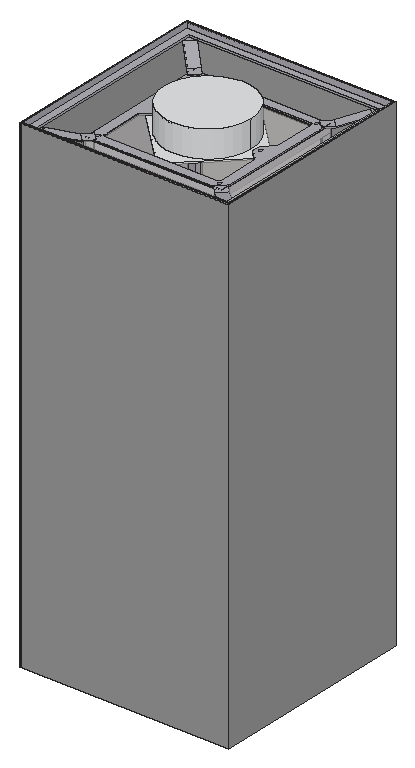
Revit family "Lighting - Lumetta - Pendant - SM2093", category Lighting Fixtures, host Ceiling, Revit 2015
Parameters
  Wattage = 14.4067 W
  built-in parameter 1150110 = 1 (stored number, unit not read)
  URL = "https://lumetta.com/luminaires/shadow-box-27-surface-mount/"
  built-in parameter 1114217 = 1 (stored number, unit not read)
  built-in parameter 1150109 = 1 (stored number, unit not read)
  built-in parameter 1150134 = (empty or 0)
  built-in parameter 1150113 = 1 (stored number, unit not read)
  SM2093 URL [instance] = "https://lumetta.com/luminaires/shadow-box-27-surface-mount/"
  Model = "SM2093"  # constant formula
  Manufacturer = "Lumetta, Inc."  # constant formula
  Lumens = 2140 lm
  built-in parameter 1150115 = 1 (stored number, unit not read)
  built-in parameter 1150105 = 170.3 (stored number, unit not read)
  Light Source Symbol Size = 0' - 1"
  built-in parameter 1150137 = (empty or 0)
  built-in parameter 1150139 = (empty or 0)
  built-in parameter 1150112 = 1 (stored number, unit not read)
  built-in parameter 1150114 = 1 (stored number, unit not read)
  built-in parameter 1150132 = 2
  built-in parameter 1150102 = (empty or 0)
  built-in parameter 1150138 = (empty or 0)
  built-in parameter 1150107 = 3000 (stored number, unit not read)
  built-in parameter 1150106 = 1.703 (stored number, unit not read)
  Frame Finish [instance] = Paint - Lumetta - F02 - PC_Chrome
  built-in parameter 1150104 = 13.8 (stored number, unit not read)
  Dimming Lamp Color Temperature Shift = (empty or 0)
  Diffuser Material-Outer [instance] = Shade - Lumetta - D924 - Trans_Ruby
  Diffuser Material-Inner [instance] = Shade - Lumetta - D61 - MT_White
  Description = "Shadow Box 27'' Surface Mount"  # constant formula
  Color Filter = 16777215
  Bottom Lens-Material [instance] = Acrylic - P95 - Etched White
  Bottom Lens [instance] = no
  built-in parameter 1114218 = 1 (stored number, unit not read)
  built-in parameter 1150133 = 10 (stored number, unit not read)
Reference planes (in)
  plane 1 "Light Source Axis (F/B)": y = 0
  plane 2 "Ceiling": z = 98.08023
  plane 3 "Light Source Axis (L/R)": x = 0
  plane 4 "Light Source Elevation": z = 94.01773
  plane 5 "Fixture Inner Top": z = 96.64273
  plane 6 "Fixture-Height-DIFF-DIFI": z = 76.64273
  plane 7 "Lamping Start": z = 93.94302
  plane 8 "Frame Length-Left": x = -3.75
  plane 9 "Frame Length-Right": x = 3.75
  plane 10 "Frame Width-TOP": y = 3.75
  plane 11 "Frame Width-BTM": y = -3.75
  plane 12 "Outer Frame-Left": x = -5.75
  plane 13 "Outer Frame-Right": x = 5.75
  plane 14 "Outer Frame-Top": y = 5.75
  plane 15 "Outer Frame-BTM": y = -5.75
  plane 16 "Fixture-Height-DIFO": z = 70.58023
  plane 17 "Fixture Outer Top": z = 97.58023
  plane 18 "Shadow Tabs": through (-5.75, -5.75, 90) normal (-0.7071, 0.7071, 0)
Forms (in)
  Extrusion 1, solid, material "Paint - Lumetta - F02 - PC_Chrome" <- "Frame Finish"
    sketch origin (0, 0, 96.64273) x (0, -1, 0) y (1, 0, 0)
      loop
        line (-3.75, -3.75) -> (3.75, -3.75) -> (3.75, 3.75) -> (-3.75, 3.75) -> (-3.75, -3.75)
      loop
        line (-3.25, -2.97254) -> (-2.97254, -3.25) -> (-0.86007, -3.25) -> (-0.29757, -2.6875) -> (0.20243, -2.6875) -> (0.76493, -3.25) -> (2.97254, -3.25) -> (3.25, -2.97254) -> (3.25, 2.97254) -> (2.97254, 3.25) -> (0.8125, 3.25) -> (0.25, 2.6875) -> (-0.25, 2.6875) -> (-0.8125, 3.25) -> (-2.97254, 3.25) -> (-3.25, 2.97254) -> (-3.25, -2.97254)
      loop
        circle (0, -2.9375) r 0.09369
      loop
        circle (0, 2.9375) r 0.09516
      loop
        circle (-3.375, -3.375) r 0.09341
      loop
        circle (-3.375, 3.375) r 0.09341
      loop
        circle (3.375, -3.375) r 0.09341
      loop
        circle (3.375, 3.375) r 0.09341
    from 0 to -0.38992
  Extrusion 2, void
    sketch origin (0, 0, 96.64273) x (0, -1, 0) y (1, 0, 0)
      loop
        line (-3.6875, -3.6875) -> (3.6875, -3.6875) -> (3.6875, 3.6875) -> (-3.6875, 3.6875) -> (-3.6875, -3.6875)
    from -0.04896 to -0.48478
  Extrusion 3, solid, material "Paint - Lumetta - F02 - PC_Chrome" <- "Frame Finish"
    sketch origin (0, 0, 76.64273) x (-1, 0, 0) y (0, -1, 0)
      loop
        line (3.75, -3.75) -> (3.75, 3.75) -> (-3.75, 3.75) -> (-3.75, -3.75) -> (3.75, -3.75)
      loop
        arc (3.14063, -3.25) -> (3.21796, -3.21796) -> (3.25, -3.14063) r 0.10938
        line (3.25, -3.14063) -> (3.25, 3.14063)
        arc (3.25, 3.14063) -> (3.21796, 3.21796) -> (3.14063, 3.25) r 0.10938
        line (3.14063, 3.25) -> (-3.14062, 3.25)
        arc (-3.14062, 3.25) -> (-3.21796, 3.21796) -> (-3.25, 3.14063) r 0.10938
        line (-3.25, 3.14063) -> (-3.25, -3.14063)
        arc (-3.25, -3.14063) -> (-3.21796, -3.21796) -> (-3.14062, -3.25) r 0.10938
        line (-3.14062, -3.25) -> (3.14063, -3.25)
    from 0 to 0.39015
  Extrusion 4, void
    sketch origin (0, 0, 76.64273) x (-1, 0, 0) y (0, -1, 0)
      loop
        line (3.6875, -3.6875) -> (3.6875, 3.6875) -> (-3.6875, 3.6875) -> (-3.6875, -3.6875) -> (3.6875, -3.6875)
    from 0.0625 to 0.64163
  Extrusion 5, solid, material "Paint - Lumetta - F02 - PC_Chrome" <- "Frame Finish"
    sketch origin (0, 0, 36.01773) x (0, -1, 0) y (1, 0, 0)
      loop
        line (-3.75, 3.75) -> (-3.75, 3.3125) -> (-3.6875, 3.3125) -> (-3.6875, 3.6875) -> (-3.3125, 3.6875) -> (-3.3125, 3.75) -> (-3.75, 3.75)
      loop
        line (-3.75, -3.75) -> (-3.3125, -3.75) -> (-3.3125, -3.6875) -> (-3.6875, -3.6875) -> (-3.6875, -3.3125) -> (-3.75, -3.3125) -> (-3.75, -3.75)
      loop
        line (3.75, -3.75) -> (3.75, -3.3125) -> (3.6875, -3.3125) -> (3.6875, -3.6875) -> (3.3125, -3.6875) -> (3.3125, -3.75) -> (3.75, -3.75)
      loop
        line (3.75, 3.75) -> (3.3125, 3.75) -> (3.3125, 3.6875) -> (3.6875, 3.6875) -> (3.6875, 3.3125) -> (3.75, 3.3125) -> (3.75, 3.75)
    from 40.625 to 60.625
  Extrusion 6, solid, material "Shade - Lumetta - D61 - MT_White" <- "Diffuser Material-Inner"
    sketch origin (0, 0, 96.64273) x (0, -1, 0) y (1, 0, 0)
      loop
        line (-3.75, -3.75) -> (3.75, -3.75) -> (3.75, 3.75) -> (-3.75, 3.75) -> (-3.75, -3.75)
      loop
        line (3.8125, -3.8125) -> (3.8125, 3.8125) -> (-3.8125, 3.8125) -> (-3.8125, -3.8125) -> (3.8125, -3.8125)
    from -20 to 0
  Extrusion 7, solid, material "Acrylic - P95 - Etched White" <- "Bottom Lens-Material", visible <- "Bottom Lens"
    sketch origin (0, 0, 76.64273) x (-1, 0, 0) y (0, -1, 0)
      loop
        line (3.5, -3.5) -> (3.5, 3.5) -> (-3.5, 3.5) -> (-3.5, -3.5) -> (3.5, -3.5)
    from 0.0625 to 0.1875
  Extrusion 8, solid, material "Paint - Lumetta - F11 - PC_White"
    sketch origin (0, 0, 98.08023) x (1, 0, 0) y (0, 1, 0)
      loop
        circle (0, 0) r 2.375
    from -1.48646 to 0
  Extrusion 9, solid, material "Paint - Lumetta - F02 - PC_Chrome" <- "Frame Finish"
    sketch origin (0, 0, 97.58023) x (0, -1, 0) y (1, 0, 0)
      loop
        line (-5.75, -5.75) -> (5.75, -5.75) -> (5.75, 5.75) -> (-5.75, 5.75) -> (-5.75, -5.75)
      loop
        line (5.25, -5.25) -> (5.25, 5.25) -> (-5.25, 5.25) -> (-5.25, -5.25) -> (5.25, -5.25)
    from -0.38652 to 0
  Extrusion 10, void
    sketch origin (0, 0, 97.58023) x (0, -1, 0) y (1, 0, 0)
      loop
        line (-5.6875, -5.6875) -> (5.6875, -5.6875) -> (5.6875, 5.6875) -> (-5.6875, 5.6875) -> (-5.6875, -5.6875)
      loop
        circle (0, 0) r 1
    from -0.3078 to 0
  Extrusion 11, solid, material "Paint - Lumetta - F02 - PC_Chrome" <- "Frame Finish"
    sketch origin (0, 0, 70.58023) x (-1, 0, 0) y (0, -1, 0)
      loop
        line (5.75, -5.75) -> (5.75, 5.75) -> (-5.75, 5.75) -> (-5.75, -5.75) -> (5.75, -5.75)
      loop
        line (5.25, -5.25) -> (5.25, 5.25) -> (-5.25, 5.25) -> (-5.25, -5.25) -> (5.25, -5.25)
    from 0 to 0.36644
  Extrusion 12, void
    sketch origin (0, 0, 70.58023) x (-1, 0, 0) y (0, -1, 0)
      loop
        line (5.6875, -5.6875) -> (5.6875, 5.6875) -> (-5.6875, 5.6875) -> (-5.6875, -5.6875) -> (5.6875, -5.6875)
    from 0.06841 to 0.36644
  Extrusion 13, solid, material "Shade - Lumetta - D924 - Trans_Ruby" <- "Diffuser Material-Outer"
    sketch origin (0, 0, 97.58023) x (0, -1, 0) y (1, 0, 0)
      loop
        line (-5.75, -5.75) -> (5.75, -5.75) -> (5.75, 5.75) -> (-5.75, 5.75) -> (-5.75, -5.75)
      loop
        line (5.78125, -5.78125) -> (5.78125, 5.78125) -> (-5.78125, 5.78125) -> (-5.78125, -5.78125) -> (5.78125, -5.78125)
    from -27 to 0
  Extrusion 14, solid, material "Paint - Lumetta - F11 - PC_White"
    sketch origin (0, 0, 96.64273) x (0, -1, 0) y (1, 0, 0)
      loop
        circle (0, 2.9375) r 0.09399
      loop
        circle (0, -2.9375) r 0.09391
      loop
        line (0.26517, 3.27037) -> (-0.26517, 3.27037) -> (-3.27037, 0.26517) -> (-3.27037, -0.26517) -> (-0.26517, -3.27037) -> (0.26517, -3.27037) -> (3.27037, -0.26517) -> (3.27037, 0.26517) -> (0.26517, 3.27037)
    from -0.12804 to -0.04896
  Extrusion 15, solid, material "Paint - Lumetta - F02 - PC_Chrome" <- "Frame Finish"
    sketch origin (0, 0, 0) x (-0.707107, -0.707107, 0) y (0, 0, 1)
      loop
        line (-4.92173, 96.70523) -> (-5.51942, 96.70523) -> (-7.1522, 97.14273) -> (-7.67173, 97.14273) -> (-7.67173, 97.08023) -> (-7.16043, 97.08023) -> (-5.52765, 96.64273) -> (-4.92173, 96.64273) -> (-4.92173, 96.70523)
    from -0.30669 to 0.31131
  Extrusion 16, solid, material "Paint - Lumetta - F02 - PC_Chrome" <- "Frame Finish"
    sketch origin (0, 0, 0) x (0.707107, -0.707107, 0) y (0, 0, 1)
      loop
        line (-4.92173, 96.70523) -> (-5.51942, 96.70523) -> (-7.1522, 97.14273) -> (-7.67173, 97.14273) -> (-7.67173, 97.08023) -> (-7.16043, 97.08023) -> (-5.52765, 96.64273) -> (-4.92173, 96.64273) -> (-4.92173, 96.70523)
    from -0.30669 to 0.31131
  Extrusion 17, solid, material "Paint - Lumetta - F02 - PC_Chrome" <- "Frame Finish"
    sketch origin (0, 0, 0) x (0.707107, 0.707107, 0) y (0, 0, 1)
      loop
        line (-4.92173, 96.70523) -> (-5.51942, 96.70523) -> (-7.1522, 97.14273) -> (-7.67173, 97.14273) -> (-7.67173, 97.08023) -> (-7.16043, 97.08023) -> (-5.52765, 96.64273) -> (-4.92173, 96.64273) -> (-4.92173, 96.70523)
    from -0.30669 to 0.31131
  Extrusion 18, solid, material "Paint - Lumetta - F02 - PC_Chrome" <- "Frame Finish"
    sketch origin (0, 0, 0) x (-0.707107, 0.707107, 0) y (0, 0, 1)
      loop
        line (-4.92173, 96.70523) -> (-5.51942, 96.70523) -> (-7.1522, 97.14273) -> (-7.67173, 97.14273) -> (-7.67173, 97.08023) -> (-7.16043, 97.08023) -> (-5.52765, 96.64273) -> (-4.92173, 96.64273) -> (-4.92173, 96.70523)
    from -0.30669 to 0.31131
  Extrusion 19, solid, material "Paint - Lumetta - F02 - PC_Chrome" <- "Frame Finish"
    sketch origin (0, 0, 96.64273) x (0, -1, 0) y (1, 0, 0)
      loop
        line (-3.75, -3.75) -> (3.75, -3.75) -> (3.75, 3.75) -> (-3.75, 3.75) -> (-3.75, -3.75)
      loop
        line (-0.25, -2.6875) -> (0.25, -2.6875) -> (0.8125, -3.25) -> (3.09375, -3.25)
        arc (3.09375, -3.25) -> (3.20424, -3.20424) -> (3.25, -3.09375) r 0.15625
        line (3.25, -3.09375) -> (3.25, 3.09375)
        arc (3.25, 3.09375) -> (3.20424, 3.20424) -> (3.09375, 3.25) r 0.15625
        line (3.09375, 3.25) -> (0.8125, 3.25) -> (0.25, 2.6875) -> (-0.25, 2.6875) -> (-0.8125, 3.25) -> (-3.09375, 3.25)
        arc (-3.09375, 3.25) -> (-3.20424, 3.20424) -> (-3.25, 3.09375) r 0.15625
        line (-3.25, 3.09375) -> (-3.25, -3.09375)
        arc (-3.25, -3.09375) -> (-3.20424, -3.20424) -> (-3.09375, -3.25) r 0.15625
        line (-3.09375, -3.25) -> (-0.8125, -3.25) -> (-0.25, -2.6875)
      loop
        circle (0, -2.9375) r 0.09489
      loop
        circle (0, 2.9375) r 0.09546
      loop
        circle (-3.375, -3.375) r 0.09445
      loop
        circle (-3.375, 3.375) r 0.09445
      loop
        circle (3.375, 3.375) r 0.09445
      loop
        circle (3.375, -3.375) r 0.09445
    from 0 to 0.0625
Cuts and joins
  Extrusion 2, Extrusion 4 cuts Extrusion 1
  Extrusion 4 cuts Extrusion 3
  Extrusion 10 cuts Extrusion 9
  Extrusion 12 cuts Extrusion 11
Dimensions and locks (in)
  equal spacing: host sketch curve, plane 3 "Light Source Axis (L/R)", host sketch curve
  equal spacing: host sketch curve, plane 1 "Light Source Axis (F/B)", host sketch curve
  host sketch curve to host sketch curve = 10' - 0"  (x2)
  locked: plane 5 "Fixture Inner Top" to plane 4 "Light Source Elevation" at 2.625
  plane 5 "Fixture Inner Top" to plane 6 "Fixture-Height-DIFF-DIFI" = 1' - 8"
  plane 5 "Fixture Inner Top" to plane 7 "Lamping Start" = 0' - 2.69971"
  locked: cut or joined group of Extrusion 1, Extrusion 2, Extrusion 4 to Extrusion 6 sketch curve at 0.0625
  locked: cut or joined group of Extrusion 3, Extrusion 4 to plane 6 "Fixture-Height-DIFF-DIFI" at 0.0625
  equal spacing: plane 8 "Frame Length-Left", plane 3 "Light Source Axis (L/R)", plane 9 "Frame Length-Right"
  locked: plane 8 "Frame Length-Left" to plane 9 "Frame Length-Right" at 7.5
  equal spacing: plane 10 "Frame Width-TOP", plane 1 "Light Source Axis (F/B)", plane 11 "Frame Width-BTM"
  locked: plane 10 "Frame Width-TOP" to plane 11 "Frame Width-BTM" at 7.5
  equal spacing: plane 12 "Outer Frame-Left", plane 3 "Light Source Axis (L/R)", plane 13 "Outer Frame-Right"
  equal spacing: plane 15 "Outer Frame-BTM", plane 1 "Light Source Axis (F/B)", plane 14 "Outer Frame-Top"
  locked: plane 12 "Outer Frame-Left" to plane 13 "Outer Frame-Right" at 11.5
  locked: plane 14 "Outer Frame-Top" to plane 15 "Outer Frame-BTM" at 11.5
  locked: Extrusion 5 sketch curve to plane 8 "Frame Length-Left" at 0  (x2)
  locked: Extrusion 5 sketch curve to plane 10 "Frame Width-TOP" at 0  (x2)
  Extrusion 5 sketch curve to plane 11 "Frame Width-BTM" = 0' - 0"
  locked: Extrusion 5 sketch curve to plane 9 "Frame Length-Right" at 0  (x2)
  locked: Extrusion 5 sketch curve to plane 11 "Frame Width-BTM" at 0
  locked: Extrusion 5 sketch curve to plane 10 "Frame Width-TOP" at 0.4375
  locked: Extrusion 5 sketch curve to plane 11 "Frame Width-BTM" at 0.4375
  locked: plane 10 "Frame Width-TOP" to Extrusion 5 sketch curve at 0.4375
  locked: plane 11 "Frame Width-BTM" to Extrusion 5 sketch curve at 0.4375
  Extrusion 6 to plane 9 "Frame Length-Right" = 0' - 0"
  locked: Extrusion 1 sketch curve to plane 10 "Frame Width-TOP" at 0
  locked: Extrusion 1 sketch curve to plane 11 "Frame Width-BTM" at 0
  locked: plane 8 "Frame Length-Left" to Extrusion 4 sketch curve at 0.0625
  locked: Extrusion 4 sketch curve to plane 9 "Frame Length-Right" at 0.0625
  locked: plane 8 "Frame Length-Left" to Extrusion 1 sketch curve
  locked: Extrusion 1 sketch curve to Extrusion 1 sketch curve at 0.5
  locked: plane 8 "Frame Length-Left" to Extrusion 2 sketch curve at 0.0625
  locked: Extrusion 2 sketch curve to plane 9 "Frame Length-Right" at 0.0625
  locked: plane 8 "Frame Length-Left" to Extrusion 3 sketch curve
  locked: Extrusion 3 sketch curve to Extrusion 3 sketch curve at 0.5  (x2)
  locked: Extrusion 3 sketch curve to plane 9 "Frame Length-Right"
  locked: Extrusion 7 sketch curve to plane 9 "Frame Length-Right" at 0.25
  locked: Extrusion 7 sketch curve to plane 10 "Frame Width-TOP" at 0.25
  locked: Extrusion 7 sketch curve to plane 11 "Frame Width-BTM" at 0.25
  locked: plane 8 "Frame Length-Left" to Extrusion 7 sketch curve at 0.25
  locked: Extrusion 6 sketch curve to cut or joined group of Extrusion 1, Extrusion 2, Extrusion 4 at 0.0625  (x3)
  locked: Extrusion 6 to plane 6 "Fixture-Height-DIFF-DIFI" at 0
  locked: Extrusion 5 to plane 6 "Fixture-Height-DIFF-DIFI" at 0
  plane 17 "Fixture Outer Top" to plane 5 "Fixture Inner Top" = 0' - 0 15/16"
  plane 17 "Fixture Outer Top" to plane 16 "Fixture-Height-DIFO" = 2' - 3"
  locked: Extrusion 5 sketch curve to Extrusion 5 sketch curve at 0.4375  (x4)
  locked: Extrusion 5 sketch curve to Extrusion 5 sketch curve at 0.0625  (x8)
  locked: cut or joined group of Extrusion 3, Extrusion 4 to plane 6 "Fixture-Height-DIFF-DIFI" at 0.39015
  locked: plane 5 "Fixture Inner Top" to cut or joined group of Extrusion 1, Extrusion 2, Extrusion 4 at 0.38992
  locked: plane 10 "Frame Width-TOP" to Extrusion 2 sketch curve at 0.0625
  locked: Extrusion 2 sketch curve to plane 11 "Frame Width-BTM" at 0.0625
  locked: Extrusion 1 sketch curve to plane 10 "Frame Width-TOP" at 0.5
  locked: Extrusion 1 sketch curve to plane 11 "Frame Width-BTM" at 0.5
  locked: Extrusion 1 sketch curve to plane 9 "Frame Length-Right" at 0.5
  locked: Extrusion 3 sketch curve to plane 10 "Frame Width-TOP" at 0.5
  locked: Extrusion 3 sketch curve to plane 11 "Frame Width-BTM" at 0.5
  locked: Extrusion 4 sketch curve to plane 10 "Frame Width-TOP" at 0.0625
  locked: Extrusion 4 sketch curve to plane 11 "Frame Width-BTM" at 0.0625
  locked: plane 5 "Fixture Inner Top" to cut or joined group of Extrusion 1, Extrusion 2, Extrusion 4 at 0.04896
  locked: plane 3 "Light Source Axis (L/R)" to Extrusion 1 sketch curve at 4.4  (x3)
  locked: plane 1 "Light Source Axis (F/B)" to Extrusion 1 sketch curve at 0.25
  locked: Extrusion 1 sketch curve to plane 1 "Light Source Axis (F/B)" at 0.25
  plane 3 "Light Source Axis (L/R)" to Extrusion 1 sketch curve = 0' - 3.03266"
  locked: Extrusion 9 sketch curve to plane 14 "Outer Frame-Top" at 0
  locked: Extrusion 9 sketch curve to plane 15 "Outer Frame-BTM" at 0
  locked: Extrusion 9 sketch curve to plane 13 "Outer Frame-Right" at 0
  locked: Extrusion 9 sketch curve to plane 12 "Outer Frame-Left" at 0
  locked: Extrusion 9 sketch curve to Extrusion 9 sketch curve at 0.5  (x4)
  locked: plane 17 "Fixture Outer Top" to Extrusion 9 at 0.38652
  locked: Extrusion 10 sketch curve to plane 14 "Outer Frame-Top" at 0.0625
  locked: Extrusion 10 sketch curve to plane 15 "Outer Frame-BTM" at 0.0625
  locked: plane 12 "Outer Frame-Left" to Extrusion 10 sketch curve at 0.0625
  locked: Extrusion 10 sketch curve to plane 13 "Outer Frame-Right" at 0.0625
  locked: plane 1 "Light Source Axis (F/B)" to Extrusion 1 sketch curve at 3.375
  locked: Extrusion 11 sketch curve to plane 12 "Outer Frame-Left" at 0
  locked: Extrusion 11 sketch curve to plane 14 "Outer Frame-Top" at 0
  locked: Extrusion 11 sketch curve to plane 13 "Outer Frame-Right" at 0
  locked: Extrusion 11 sketch curve to plane 15 "Outer Frame-BTM" at 0
  locked: Extrusion 11 sketch curve to Extrusion 11 sketch curve at 0.5  (x4)
  plane 3 "Light Source Axis (L/R)" to Extrusion 11 = 0' - 5 3/4"
  locked: Extrusion 11 to plane 16 "Fixture-Height-DIFO" at 0.36644
  locked: Extrusion 12 sketch curve to plane 14 "Outer Frame-Top" at 0.0625
  locked: plane 12 "Outer Frame-Left" to Extrusion 12 sketch curve at 0.0625
  locked: Extrusion 12 sketch curve to plane 13 "Outer Frame-Right" at 0.0625
  locked: Extrusion 12 sketch curve to plane 15 "Outer Frame-BTM" at 0.0625
  locked: Extrusion 12 to plane 16 "Fixture-Height-DIFO" at 0.06841
  locked: Extrusion 13 sketch curve to plane 12 "Outer Frame-Left" at 0
  locked: Extrusion 13 sketch curve to plane 14 "Outer Frame-Top" at 0
  locked: Extrusion 13 sketch curve to plane 13 "Outer Frame-Right" at 0
  locked: Extrusion 13 sketch curve to plane 15 "Outer Frame-BTM" at 0
  locked: Extrusion 13 sketch curve to Extrusion 13 sketch curve at 0.03125  (x4)
  locked: cut or joined group of Extrusion 1, Extrusion 2, Extrusion 4 to Extrusion 14 at 0.07909
  Extrusion 13 to Extrusion 15 sketch curve = 0' - 0 7/16"
  Extrusion 15 sketch curve to Extrusion 13 = 0' - 0.46"
  Extrusion 13 to Extrusion 15 sketch curve = 0' - 0 7/8"
  Extrusion 15 sketch curve to Extrusion 15 sketch curve = 0' - 2 3/4"
  locked: Extrusion 15 to plane 18 "Shadow Tabs" at 0.31131
  locked: Extrusion 15 to plane 18 "Shadow Tabs" at 0.30669
  Extrusion 16 sketch curve to Extrusion 16 sketch curve = 0' - 2 3/4"
  Extrusion 17 sketch curve to Extrusion 17 sketch curve = 0' - 2 3/4"
  Extrusion 18 sketch curve to Extrusion 18 sketch curve = 0' - 2 3/4"
  locked: Extrusion 19 sketch curve to plane 8 "Frame Length-Left" at 0
  locked: Extrusion 19 sketch curve to plane 10 "Frame Width-TOP" at 0
  locked: Extrusion 19 sketch curve to plane 9 "Frame Length-Right" at 0
  locked: Extrusion 19 sketch curve to plane 11 "Frame Width-BTM" at 0
  locked: plane 1 "Light Source Axis (F/B)" to Extrusion 19 sketch curve at 0.25  (x2)
  locked: Extrusion 19 sketch curve to plane 3 "Light Source Axis (L/R)" at 2.6875
  locked: plane 3 "Light Source Axis (L/R)" to Extrusion 19 sketch curve at 2.6875
  locked: Extrusion 19 sketch curve to plane 3 "Light Source Axis (L/R)" at 2.9375
  locked: plane 3 "Light Source Axis (L/R)" to Extrusion 19 sketch curve at 2.9375
  locked: plane 10 "Frame Width-TOP" to Extrusion 19 sketch curve at 0.375  (x2)
  locked: plane 8 "Frame Length-Left" to Extrusion 19 sketch curve at 0.375  (x2)
  locked: Extrusion 19 sketch curve to plane 9 "Frame Length-Right" at 0.375  (x2)
  locked: Extrusion 19 sketch curve to plane 11 "Frame Width-BTM" at 0.375  (x2)
  locked: host ceiling to plane 2 "Ceiling"
  locked: plane 3 "Light Source Axis (L/R)" to Extrusion 14 sketch curve at 2.9375
  locked: Extrusion 14 sketch curve to plane 3 "Light Source Axis (L/R)" at 2.9375
  locked: Extrusion 14 sketch curve to plane 1 "Light Source Axis (F/B)" at 3.27037
  locked: Extrusion 14 sketch curve to plane 3 "Light Source Axis (L/R)" at 3.27037
  locked: plane 1 "Light Source Axis (F/B)" to Extrusion 14 sketch curve at 3.27037
  locked: plane 3 "Light Source Axis (L/R)" to Extrusion 14 sketch curve at 3.27037
  locked: plane 3 "Light Source Axis (L/R)" to Extrusion 1 sketch curve at 2.9375
  locked: Extrusion 1 sketch curve to Extrusion 1 sketch curve at 5.875
  locked: plane 2 "Ceiling" to plane 17 "Fixture Outer Top" at 0.5
  locked: Extrusion 15 sketch curve to Extrusion 15 sketch curve (angle 15.00°)
  locked: Extrusion 16 sketch curve to Extrusion 16 sketch curve (angle 15.00°)
  locked: Extrusion 17 sketch curve to Extrusion 17 sketch curve (angle 15.00°)
  locked: Extrusion 18 sketch curve to Extrusion 18 sketch curve (angle 15.00°)
  aligned and locked: plane 3 "Light Source Axis (L/R)" to imposter light
  aligned and locked: plane 1 "Light Source Axis (F/B)" to imposter light
  aligned and locked: plane 4 "Light Source Elevation" to imposter light
  aligned and locked: Extrusion 3 to plane 6 "Fixture-Height-DIFF-DIFI"
  aligned and locked: plane 8 "Frame Length-Left" to Extrusion 6 sketch curve
  aligned and locked: Extrusion 6 sketch curve to plane 10 "Frame Width-TOP"
  aligned and locked: Extrusion 6 sketch curve to plane 9 "Frame Length-Right"
  aligned and locked: plane 11 "Frame Width-BTM" to Extrusion 6 sketch curve
  aligned and locked: Extrusion 5 to plane 5 "Fixture Inner Top"
  aligned and locked: plane 2 "Ceiling" to Extrusion 8
  aligned and locked: Extrusion 9 to plane 17 "Fixture Outer Top"
  aligned and locked: Extrusion 10 to plane 17 "Fixture Outer Top"
  aligned and locked: Extrusion 11 to Extrusion 12
  aligned and locked: Extrusion 13 to plane 16 "Fixture-Height-DIFO"
  aligned and locked: Extrusion 13 to plane 17 "Fixture Outer Top"
  aligned and locked: cut or joined group of Extrusion 1, Extrusion 2, Extrusion 4 to Extrusion 14
  aligned and locked: plane 5 "Fixture Inner Top" to Extrusion 19
  aligned and locked: Extrusion 15 to Extrusion 19
  aligned and locked: Extrusion 8 to cut or joined group of Extrusion 1, Extrusion 2, Extrusion 4
Automatic sketch dimensions
  Extrusion 3 sketch curve to plane 10 "Frame Width-TOP" = 0' - 0"
  Extrusion 3 sketch curve to plane 11 "Frame Width-BTM" = 0' - 0"
  Extrusion 3 sketch curve to Extrusion 3 sketch curve = 0' - 0 7/64"  (x4)
  plane 1 "Light Source Axis (F/B)" to Extrusion 10 sketch curve = 0' - 0"
  Extrusion 10 sketch curve to plane 3 "Light Source Axis (L/R)" = 0' - 0"
  plane 1 "Light Source Axis (F/B)" to Extrusion 1 sketch curve = 0' - 0"  (x2)
  Extrusion 1 sketch curve to plane 10 "Frame Width-TOP" = 0' - 0 3/8"
  Extrusion 1 sketch curve to Extrusion 1 sketch curve = 0' - 0.27746"  (x5)
  Extrusion 1 sketch curve to plane 1 "Light Source Axis (F/B)" = 0' - 0.86007"
  Extrusion 1 sketch curve to Extrusion 1 sketch curve = 0' - 0 9/16"  (x2)
  Extrusion 1 sketch curve to plane 1 "Light Source Axis (F/B)" = 0' - 0.29757"
  plane 1 "Light Source Axis (F/B)" to Extrusion 1 sketch curve = 0' - 0.20243"
  plane 1 "Light Source Axis (F/B)" to Extrusion 1 sketch curve = 0' - 0.76493"
  plane 11 "Frame Width-BTM" to Extrusion 1 sketch curve = 0' - 0 3/8"  (x2)
  plane 8 "Frame Length-Left" to Extrusion 1 sketch curve = 0' - 0 3/8"  (x2)
  plane 8 "Frame Length-Left" to Extrusion 1 sketch curve = 0' - 0 1/2"
  Extrusion 1 sketch curve to Extrusion 1 sketch curve = 0' - 0 1/4"  (x2)
  Extrusion 1 sketch curve to plane 9 "Frame Length-Right" = 0' - 0.77746"
  Extrusion 1 sketch curve to plane 9 "Frame Length-Right" = 0' - 0 3/8"  (x2)
  Extrusion 15 sketch curve to plane 5 "Fixture Inner Top" = 0' - 0"
  Extrusion 15 sketch curve to Extrusion 15 sketch curve = 0' - 0.5113"
  Extrusion 15 sketch curve to Extrusion 15 sketch curve = 0' - 0.00823"  (x2)
  Extrusion 15 sketch curve to Extrusion 15 sketch curve = 0' - 0 1/16"
  plane 5 "Fixture Inner Top" to Extrusion 16 sketch curve = 0' - 0"
  Extrusion 16 sketch curve to plane 5 "Fixture Inner Top" = 0' - 0 7/16"
  plane 18 "Shadow Tabs" to Extrusion 16 sketch curve = 0' - 7.67173"
  Extrusion 16 sketch curve to Extrusion 16 sketch curve = 0' - 0.5113"
  plane 17 "Fixture Outer Top" to Extrusion 16 sketch curve = 0' - 0 7/16"
  Extrusion 16 sketch curve to Extrusion 16 sketch curve = 0' - 0.00823"
  Extrusion 16 sketch curve to Extrusion 16 sketch curve = 0' - 0.60592"
  Extrusion 16 sketch curve to plane 5 "Fixture Inner Top" = 0' - 0 1/16"
  plane 5 "Fixture Inner Top" to Extrusion 17 sketch curve = 0' - 0"
  Extrusion 17 sketch curve to plane 5 "Fixture Inner Top" = 0' - 0 7/16"
  Extrusion 17 sketch curve to Extrusion 17 sketch curve = 0' - 0.5113"
  plane 17 "Fixture Outer Top" to Extrusion 17 sketch curve = 0' - 0 7/16"
  Extrusion 17 sketch curve to Extrusion 17 sketch curve = 0' - 0.00823"
  Extrusion 17 sketch curve to Extrusion 17 sketch curve = 0' - 0.60592"
  Extrusion 17 sketch curve to plane 5 "Fixture Inner Top" = 0' - 0 1/16"
  Extrusion 18 sketch curve to plane 5 "Fixture Inner Top" = 0' - 0"
  Extrusion 18 sketch curve to plane 5 "Fixture Inner Top" = 0' - 0 7/16"
  Extrusion 18 sketch curve to plane 18 "Shadow Tabs" = 0' - 7.67173"
  Extrusion 18 sketch curve to Extrusion 18 sketch curve = 0' - 0.5113"
  plane 17 "Fixture Outer Top" to Extrusion 18 sketch curve = 0' - 0 7/16"
  Extrusion 18 sketch curve to Extrusion 18 sketch curve = 0' - 0.00823"
  Extrusion 18 sketch curve to Extrusion 18 sketch curve = 0' - 0.60592"
  Extrusion 18 sketch curve to plane 5 "Fixture Inner Top" = 0' - 0 1/16"
  Extrusion 19 sketch curve to plane 18 "Shadow Tabs" = 0' - 0"  (x2)
  plane 1 "Light Source Axis (F/B)" to Extrusion 19 sketch curve = 0' - 0"  (x2)
  Extrusion 19 sketch curve to Extrusion 19 sketch curve = 0' - 0 1/8"  (x4)
  Extrusion 19 sketch curve to Extrusion 19 sketch curve = 0' - 0 5/32"  (x4)
  Extrusion 19 sketch curve to Extrusion 19 sketch curve = 0' - 0 9/16"  (x4)
  plane 1 "Light Source Axis (F/B)" to Extrusion 19 sketch curve = 0' - 0 1/4"  (x2)
  plane 1 "Light Source Axis (F/B)" to Extrusion 14 sketch curve = 0' - 0"  (x2)
  Extrusion 14 sketch curve to plane 1 "Light Source Axis (F/B)" = 0' - 0.26517"  (x2)
  plane 3 "Light Source Axis (L/R)" to Extrusion 14 sketch curve = 0' - 0.26517"  (x2)
  plane 1 "Light Source Axis (F/B)" to Extrusion 14 sketch curve = 0' - 0.26517"  (x2)
  Extrusion 14 sketch curve to plane 3 "Light Source Axis (L/R)" = 0' - 0.26517"  (x2)
  Extrusion 1 sketch curve to plane 9 "Frame Length-Right" = 0' - 0"
  plane 1 "Light Source Axis (F/B)" to Extrusion 8 sketch curve = 0' - 0"
  Extrusion 8 sketch curve to plane 3 "Light Source Axis (L/R)" = 0' - 0"
  radius of Extrusion 10 sketch curve = 0' - 1"
  radius of Extrusion 1 sketch curve = 0' - 0.09369"
  radius of Extrusion 1 sketch curve = 0' - 0.09341"  (x4)
  radius of Extrusion 19 sketch curve = 0' - 0.09489"
  radius of Extrusion 19 sketch curve = 0' - 0.09546"
  radius of Extrusion 19 sketch curve = 0' - 0.09445"  (x4)
  radius of Extrusion 14 sketch curve = 0' - 0.09399"
  radius of Extrusion 14 sketch curve = 0' - 0.09391"
  radius of Extrusion 8 sketch curve = 0' - 2 3/8"
